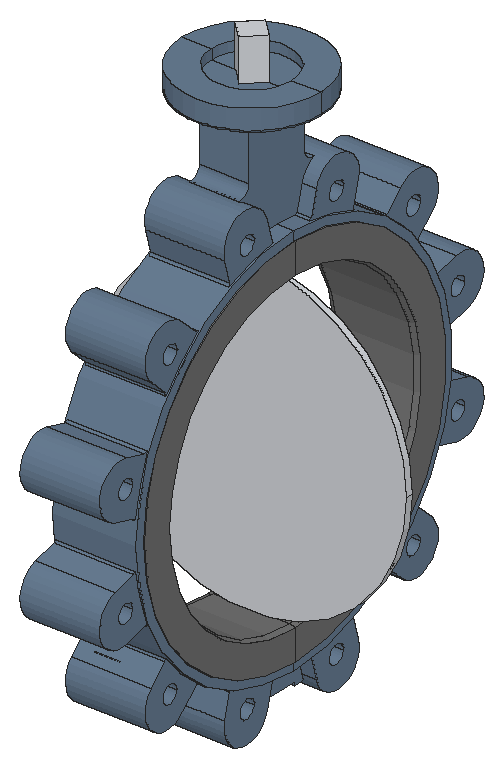
Revit family "Absperr- und Regulierklappe AF-4219", category Rohrzubehör, Revit 2020 (continued)
Lines and regions (mm)
  model lines, detail levels coarse+medium
    curve 5: line (-39, 183, 0) -> (39, -183, 0)
    curve 6: circle (0, 0, 0) r 5 normal (0, 0, 1)
    curve 7: line (-39, 0, 183) -> (-39, 0, -183)
    curve 8: line (-39, 0, -183) -> (39, 0, -183)
    curve 9: line (39, 0, -183) -> (39, 0, 183)
    curve 10: line (39, 0, 183) -> (-39, 0, 183)
    curve 11: line (39, 0, -183) -> (-39, 0, 183)
    curve 12: circle (0, 0, 0) r 5 normal (0, -1, 0)
Dimensions and locks
  "H01": Revolve 2 sketch curve to plane 2
  "H02": Revolve 2 sketch curve to Revolve 2 sketch curve
  "R01": Revolve 2 sketch curve to Revolve 2 sketch curve
  "D01": plane 2 to Revolve 1 sketch curve
  "D02": plane 2 to Revolve 1 sketch curve
  "D03": plane 2 to Revolve 1 sketch curve
  "L01": Revolve 1 sketch curve to plane 3 "Mitte (Links/rechts)"
  "L02": plane 3 "Mitte (Links/rechts)" to Revolve 1 sketch curve  (x2)
  "D05": Revolve 6 sketch curve to plane 2
  "D04": Revolve 6 sketch curve to plane 2  (x2)
  "D02": Revolve 6 sketch curve to plane 2  (x2)
  "L03": plane 3 "Mitte (Links/rechts)" to Revolve 6 sketch curve
  "L02": Revolve 6 sketch curve to plane 3 "Mitte (Links/rechts)"
  "L03": Revolve 6 sketch curve to plane 3 "Mitte (Links/rechts)"
  "L01": plane 3 "Mitte (Links/rechts)" to Revolve 1 sketch curve
  "D02": Revolve 1 sketch curve to plane 2
  "L02": plane 3 "Mitte (Links/rechts)" to Revolve 6 sketch curve
  "D03": plane 2 to Revolve 6 sketch curve
  "L04": Revolve 6 sketch curve to plane 3 "Mitte (Links/rechts)" to Revolve 6 sketch curve
  "L01": curve 2 to plane 3 "Mitte (Links/rechts)" to curve 4
  equal spacing: curve 3, curve 6, curve 1
  equal spacing: curve 2, curve 6, curve 4
  "D01": curve 1 to plane 1 "Mitte (Vorne/hinten)" to curve 3
  "L01": curve 7 to curve 12 to curve 9
  "D01": curve 10 to curve 12 to curve 8
  "H03": Revolve 2 sketch curve to Revolve 2 sketch curve
  "R02": Revolve 2 sketch curve to Revolve 2 sketch curve
  equal spacing: Extrusion 24 sketch curve, curve 11, Extrusion 24 sketch curve  (x2)
  "L05": Extrusion 24 sketch curve to Extrusion 24 sketch curve  (x2)
  "H04": Extrusion 24 to plane 2
  "H05": Extrusion 24 to Revolve 2
  "R99": radius of Revolve 2 sketch curve
  "D06": radius of Extrusion 7 sketch curve
  radius of curve 6 = 5.000 mm
  radius of curve 12 = 5.000 mm
  aligned and locked: level to plane 2
Automatic sketch dimensions
  Extrusion 3 sketch curve to Extrusion 3 sketch curve = 0.000 mm  (x20)
  Extrusion 3 sketch curve to level = 0.000 mm
  Extrusion 3 sketch curve to plane 1 "Mitte (Vorne/hinten)" = 0.000 mm
  plane 1 "Mitte (Vorne/hinten)" to Extrusion 3 sketch curve = 18.495 mm  (x2)
  Extrusion 3 sketch curve to Extrusion 3 sketch curve = 1.414 mm  (x16)
  Extrusion 3 sketch curve to Extrusion 3 sketch curve = 12.265 mm  (x8)
  Extrusion 3 sketch curve to level = 19.909 mm  (x2)
  Extrusion 3 sketch curve to Extrusion 3 sketch curve = 24.042 mm  (x8)
  level to Extrusion 3 sketch curve = 19.909 mm  (x2)
  Extrusion 3 sketch curve to Extrusion 3 sketch curve = 12.021 mm  (x12)
  Extrusion 3 sketch curve to plane 1 "Mitte (Vorne/hinten)" = 18.495 mm  (x2)
  Extrusion 3 sketch curve to Extrusion 3 sketch curve = 0.934 mm  (x4)
  Extrusion 4 sketch curve to level = 0.000 mm
  Extrusion 4 sketch curve to plane 1 "Mitte (Vorne/hinten)" = 0.000 mm
  plane 1 "Mitte (Vorne/hinten)" to Extrusion 4 sketch curve = 18.495 mm
  Extrusion 4 sketch curve to Extrusion 4 sketch curve = 1.414 mm  (x4)
  plane 1 "Mitte (Vorne/hinten)" to Extrusion 4 sketch curve = 20.000 mm
  Extrusion 4 sketch curve to Extrusion 4 sketch curve = 12.265 mm  (x2)
  Extrusion 4 sketch curve to Extrusion 4 sketch curve = 15.000 mm  (x2)
  Extrusion 4 sketch curve to Extrusion 4 sketch curve = 12.021 mm  (x4)
  Extrusion 4 sketch curve to plane 1 "Mitte (Vorne/hinten)" = 18.495 mm
  Extrusion 4 sketch curve to plane 1 "Mitte (Vorne/hinten)" = 20.000 mm
  level to Extrusion 4 sketch curve = 43.950 mm
  Extrusion 4 sketch curve to Extrusion 4 sketch curve = 0.000 mm
  Extrusion 4 sketch curve to Extrusion 4 sketch curve = 0.244 mm  (x2)
  Extrusion 4 sketch curve to Extrusion 4 sketch curve = 18.630 mm  (x2)
  Extrusion 4 sketch curve to Extrusion 4 sketch curve = 0.934 mm
  Extrusion 5 sketch curve to level = 0.000 mm
  Extrusion 5 sketch curve to plane 1 "Mitte (Vorne/hinten)" = 0.000 mm
  plane 1 "Mitte (Vorne/hinten)" to Extrusion 5 sketch curve = 15.000 mm
  Extrusion 5 sketch curve to Extrusion 5 sketch curve = 1.963 mm  (x2)
  Extrusion 5 sketch curve to Extrusion 5 sketch curve = 1.531 mm  (x2)
  Extrusion 5 sketch curve to Extrusion 5 sketch curve = 1.414 mm  (x4)
  Extrusion 5 sketch curve to Extrusion 5 sketch curve = 15.210 mm  (x2)
  Extrusion 5 sketch curve to Extrusion 5 sketch curve = 1.660 mm  (x2)
  Extrusion 5 sketch curve to Extrusion 5 sketch curve = 12.021 mm  (x3)
  Extrusion 5 sketch curve to plane 1 "Mitte (Vorne/hinten)" = 15.000 mm
  Extrusion 5 sketch curve to Extrusion 5 sketch curve = 1.037 mm  (x2)
  Extrusion 5 sketch curve to Extrusion 5 sketch curve = 1.400 mm  (x2)
  Extrusion 5 sketch curve to Extrusion 5 sketch curve = 1.785 mm  (x2)
  Extrusion 5 sketch curve to Extrusion 5 sketch curve = 12.635 mm  (x2)
  Extrusion 5 sketch curve to Extrusion 5 sketch curve = 0.934 mm
  Extrusion 5 sketch curve to Extrusion 5 sketch curve = 0.788 mm  (x2)
  Extrusion 5 sketch curve to Extrusion 5 sketch curve = 0.000 mm  (x2)
  Extrusion 4 sketch curve to Extrusion 4 sketch curve = 37.155 mm
  Extrusion 5 sketch curve to level = 43.950 mm
  Extrusion 8 sketch curve to Extrusion 8 sketch curve = 0.000 mm  (x12)
  Extrusion 8 sketch curve to level = 39.244 mm  (x2)
  plane 1 "Mitte (Vorne/hinten)" to Extrusion 8 sketch curve = 63.286 mm
  level to Extrusion 8 sketch curve = 39.244 mm  (x2)
  Extrusion 8 sketch curve to Extrusion 8 sketch curve = 9.190 mm  (x2)
  level to Extrusion 8 sketch curve = 28.614 mm  (x2)
  Extrusion 8 sketch curve to Extrusion 8 sketch curve = 1.441 mm  (x8)
  Extrusion 8 sketch curve to level = 28.614 mm  (x2)
  Extrusion 8 sketch curve to Extrusion 8 sketch curve = 12.021 mm  (x6)
  level to Extrusion 8 sketch curve = 63.286 mm  (x2)
  Extrusion 8 sketch curve to level = 63.286 mm  (x2)
  level to Extrusion 8 sketch curve = 52.636 mm  (x2)
  Extrusion 8 sketch curve to Extrusion 8 sketch curve = 10.650 mm  (x4)
  Extrusion 8 sketch curve to level = 52.636 mm  (x2)
  Extrusion 8 sketch curve to Extrusion 8 sketch curve = 1.414 mm  (x8)
  level to Extrusion 8 sketch curve = 0.001 mm  (x2)
  Extrusion 8 sketch curve to Extrusion 8 sketch curve = 28.594 mm
  Extrusion 8 sketch curve to level = 0.001 mm  (x2)
  Extrusion 8 sketch curve to Extrusion 8 sketch curve = 0.001 mm  (x2)
  Extrusion 8 sketch curve to Extrusion 8 sketch curve = 54.361 mm  (x2)
  Extrusion 8 sketch curve to Extrusion 8 sketch curve = 1.390 mm  (x2)
  Extrusion 8 sketch curve to Extrusion 8 sketch curve = 10.630 mm  (x2)
  Extrusion 8 sketch curve to Extrusion 8 sketch curve = 1.832 mm  (x2)
  Extrusion 9 sketch curve to Extrusion 9 sketch curve = 0.000 mm  (x5)
  Extrusion 9 sketch curve to level = 0.000 mm
  Extrusion 9 sketch curve to level = 51.265 mm
  plane 1 "Mitte (Vorne/hinten)" to Extrusion 9 sketch curve = 51.265 mm
  level to Extrusion 9 sketch curve = 51.265 mm
  Extrusion 9 sketch curve to Extrusion 9 sketch curve = 9.247 mm  (x3)
  Extrusion 9 sketch curve to level = 63.286 mm  (x2)
  Extrusion 9 sketch curve to Extrusion 9 sketch curve = 2.774 mm  (x4)
  level to Extrusion 9 sketch curve = 63.286 mm  (x2)
  Extrusion 9 sketch curve to Extrusion 9 sketch curve = 2.244 mm  (x2)
  Extrusion 9 sketch curve to Extrusion 9 sketch curve = 0.183 mm  (x2)
  level to Extrusion 9 sketch curve = 52.636 mm  (x2)
  Extrusion 9 sketch curve to Extrusion 9 sketch curve = 10.650 mm  (x3)
  Extrusion 9 sketch curve to level = 52.636 mm  (x2)
  Extrusion 9 sketch curve to Extrusion 9 sketch curve = 1.414 mm  (x8)
  Extrusion 9 sketch curve to Extrusion 9 sketch curve = 14.817 mm  (x2)
  Extrusion 9 sketch curve to Extrusion 9 sketch curve = 7.210 mm
  Extrusion 9 sketch curve to Extrusion 9 sketch curve = 1.971 mm
  Extrusion 9 sketch curve to Extrusion 9 sketch curve = 28.595 mm
  Extrusion 9 sketch curve to Extrusion 9 sketch curve = 36.000 mm
  Extrusion 9 sketch curve to Extrusion 9 sketch curve = 1.997 mm
  Extrusion 9 sketch curve to Extrusion 9 sketch curve = 44.000 mm
  Extrusion 9 sketch curve to Extrusion 9 sketch curve = 5.181 mm
  Extrusion 9 sketch curve to Extrusion 9 sketch curve = 7.184 mm
  Extrusion 9 sketch curve to Extrusion 9 sketch curve = 12.021 mm  (x2)
  Extrusion 9 sketch curve to Extrusion 9 sketch curve = 14.891 mm
  Extrusion 9 sketch curve to Extrusion 9 sketch curve = 6.473 mm
  Extrusion 9 sketch curve to Extrusion 9 sketch curve = 12.756 mm  (x2)
  Extrusion 9 sketch curve to Extrusion 9 sketch curve = 55.987 mm
  Extrusion 10 sketch curve to Extrusion 10 sketch curve = 0.000 mm  (x48)
  level to Extrusion 10 sketch curve = 14.909 mm  (x2)
  plane 1 "Mitte (Vorne/hinten)" to Extrusion 10 sketch curve = 80.416 mm
  Extrusion 10 sketch curve to level = 14.909 mm  (x2)
  Extrusion 10 sketch curve to Extrusion 10 sketch curve = 6.506 mm  (x6)
  Extrusion 10 sketch curve to level = 46.321 mm  (x2)
  level to Extrusion 10 sketch curve = 46.321 mm  (x2)
  Extrusion 10 sketch curve to level = 7.243 mm
  Extrusion 10 sketch curve to Extrusion 10 sketch curve = 13.321 mm
  level to Extrusion 10 sketch curve = 7.243 mm
  Extrusion 10 sketch curve to level = 9.076 mm  (x2)
  Extrusion 10 sketch curve to Extrusion 10 sketch curve = 0.759 mm  (x8)
  level to Extrusion 10 sketch curve = 9.076 mm  (x2)
  level to Extrusion 10 sketch curve = 40.487 mm  (x2)
  Extrusion 10 sketch curve to Extrusion 10 sketch curve = 14.082 mm  (x4)
  Extrusion 10 sketch curve to level = 40.487 mm  (x2)
  Extrusion 10 sketch curve to Extrusion 10 sketch curve = 0.758 mm  (x8)
  level to Extrusion 10 sketch curve = 67.405 mm  (x2)
  Extrusion 10 sketch curve to Extrusion 10 sketch curve = 6.243 mm  (x2)
  Extrusion 10 sketch curve to level = 67.405 mm  (x2)
  Extrusion 10 sketch curve to Extrusion 10 sketch curve = 10.245 mm  (x4)
  level to Extrusion 10 sketch curve = 53.322 mm  (x2)
  Extrusion 10 sketch curve to Extrusion 10 sketch curve = 1.831 mm  (x8)
  Extrusion 10 sketch curve to level = 53.322 mm  (x2)
  Extrusion 10 sketch curve to Extrusion 10 sketch curve = 15.706 mm  (x6)
  level to Extrusion 10 sketch curve = 80.416 mm  (x2)
  Extrusion 10 sketch curve to level = 80.416 mm  (x2)
  Extrusion 10 sketch curve to level = 66.335 mm  (x2)
  Extrusion 10 sketch curve to Extrusion 10 sketch curve = 5.832 mm  (x4)
  level to Extrusion 10 sketch curve = 66.335 mm  (x2)
  Extrusion 10 sketch curve to Extrusion 10 sketch curve = 1.833 mm  (x6)
  level to Extrusion 10 sketch curve = 0.000 mm
  Extrusion 10 sketch curve to Extrusion 10 sketch curve = 14.486 mm  (x2)
  Extrusion 10 sketch curve to Extrusion 10 sketch curve = 9.873 mm  (x2)
  Extrusion 10 sketch curve to Extrusion 10 sketch curve = 5.833 mm  (x2)
  Extrusion 10 sketch curve to Extrusion 10 sketch curve = 13.013 mm
  Extrusion 10 sketch curve to Extrusion 10 sketch curve = 14.081 mm  (x2)
  Extrusion 10 sketch curve to Extrusion 10 sketch curve = 1.973 mm  (x4)
  Extrusion 10 sketch curve to Extrusion 10 sketch curve = 1.544 mm  (x4)
  Extrusion 10 sketch curve to Extrusion 10 sketch curve = 1.243 mm  (x3)
  Extrusion 10 sketch curve to Extrusion 10 sketch curve = 0.211 mm  (x2)
  Extrusion 10 sketch curve to Extrusion 10 sketch curve = 0.002 mm  (x5)
  Extrusion 10 sketch curve to Extrusion 10 sketch curve = 0.213 mm  (x2)
  Extrusion 10 sketch curve to Extrusion 10 sketch curve = 41.076 mm
  Extrusion 10 sketch curve to level = 0.000 mm
  level to Extrusion 11 sketch curve = 100.814 mm
  plane 1 "Mitte (Vorne/hinten)" to Extrusion 11 sketch curve = 32.000 mm
  Extrusion 11 sketch curve to Extrusion 11 sketch curve = 1.385 mm
  Extrusion 11 sketch curve to Extrusion 11 sketch curve = 10.000 mm  (x2)
  Extrusion 11 sketch curve to level = 80.416 mm
  Extrusion 11 sketch curve to Extrusion 11 sketch curve = 15.706 mm  (x3)
  level to Extrusion 11 sketch curve = 80.416 mm  (x2)
  Extrusion 11 sketch curve to Extrusion 11 sketch curve = 1.409 mm
  Extrusion 11 sketch curve to level = 66.335 mm  (x2)
  Extrusion 11 sketch curve to Extrusion 11 sketch curve = 5.832 mm  (x3)
  level to Extrusion 11 sketch curve = 66.335 mm  (x2)
  Extrusion 11 sketch curve to Extrusion 11 sketch curve = 1.833 mm  (x4)
  level to Extrusion 11 sketch curve = 0.554 mm
  Extrusion 11 sketch curve to Extrusion 11 sketch curve = 9.076 mm
  Extrusion 11 sketch curve to level = 0.554 mm
  Extrusion 11 sketch curve to Extrusion 11 sketch curve = 0.000 mm  (x3)
  Extrusion 11 sketch curve to Extrusion 11 sketch curve = 14.486 mm  (x2)
  Extrusion 11 sketch curve to Extrusion 11 sketch curve = 44.000 mm
  Extrusion 11 sketch curve to Extrusion 11 sketch curve = 0.759 mm  (x4)
  Extrusion 11 sketch curve to Extrusion 11 sketch curve = 6.506 mm
  Extrusion 11 sketch curve to Extrusion 11 sketch curve = 42.686 mm
  Extrusion 11 sketch curve to level = 80.371 mm
  Extrusion 11 sketch curve to Extrusion 11 sketch curve = 1.390 mm
  Extrusion 11 sketch curve to Extrusion 11 sketch curve = 27.000 mm
  Extrusion 12 sketch curve to Extrusion 12 sketch curve = 0.000 mm  (x40)
  Extrusion 12 sketch curve to level = 0.000 mm
  level to Extrusion 12 sketch curve = 18.736 mm  (x2)
  plane 1 "Mitte (Vorne/hinten)" to Extrusion 12 sketch curve = 89.655 mm
  Extrusion 12 sketch curve to level = 18.736 mm  (x2)
  Extrusion 12 sketch curve to Extrusion 12 sketch curve = 6.506 mm  (x6)
  Extrusion 12 sketch curve to level = 50.147 mm  (x2)
  level to Extrusion 12 sketch curve = 50.147 mm  (x2)
  Extrusion 12 sketch curve to Extrusion 12 sketch curve = 13.415 mm  (x2)
  Extrusion 12 sketch curve to level = 12.858 mm  (x2)
  Extrusion 12 sketch curve to Extrusion 12 sketch curve = 0.776 mm  (x8)
  level to Extrusion 12 sketch curve = 12.858 mm  (x2)
  Extrusion 12 sketch curve to level = 44.269 mm  (x2)
  Extrusion 12 sketch curve to Extrusion 12 sketch curve = 14.192 mm  (x4)
  level to Extrusion 12 sketch curve = 44.269 mm  (x2)
  Extrusion 12 sketch curve to Extrusion 12 sketch curve = 0.775 mm  (x8)
  level to Extrusion 12 sketch curve = 76.644 mm  (x2)
  Extrusion 12 sketch curve to Extrusion 12 sketch curve = 11.529 mm  (x2)
  Extrusion 12 sketch curve to level = 76.644 mm  (x2)
  Extrusion 12 sketch curve to Extrusion 12 sketch curve = 4.008 mm  (x2)
  level to Extrusion 12 sketch curve = 62.451 mm  (x2)
  Extrusion 12 sketch curve to Extrusion 12 sketch curve = 1.871 mm  (x8)
  Extrusion 12 sketch curve to level = 62.451 mm  (x2)
  Extrusion 12 sketch curve to Extrusion 12 sketch curve = 15.706 mm  (x6)
  level to Extrusion 12 sketch curve = 89.655 mm  (x2)
  Extrusion 12 sketch curve to level = 89.655 mm  (x2)
  Extrusion 12 sketch curve to level = 75.464 mm  (x2)
  Extrusion 12 sketch curve to Extrusion 12 sketch curve = 5.878 mm  (x4)
  level to Extrusion 12 sketch curve = 75.464 mm  (x2)
  Extrusion 12 sketch curve to Extrusion 12 sketch curve = 1.873 mm  (x8)
  Extrusion 12 sketch curve to Extrusion 12 sketch curve = 21.969 mm  (x2)
  Extrusion 12 sketch curve to Extrusion 12 sketch curve = 9.827 mm  (x2)
  Extrusion 12 sketch curve to Extrusion 12 sketch curve = 5.879 mm  (x2)
  Extrusion 12 sketch curve to Extrusion 12 sketch curve = 15.537 mm  (x2)
  Extrusion 12 sketch curve to Extrusion 12 sketch curve = 13.013 mm
  Extrusion 12 sketch curve to Extrusion 12 sketch curve = 14.190 mm  (x2)
  Extrusion 12 sketch curve to Extrusion 12 sketch curve = 44.269 mm
  Extrusion 13 sketch curve to Extrusion 13 sketch curve = 0.000 mm  (x5)
  Extrusion 13 sketch curve to level = 0.000 mm
  level to Extrusion 13 sketch curve = 114.470 mm
  plane 1 "Mitte (Vorne/hinten)" to Extrusion 13 sketch curve = 41.000 mm
  Extrusion 13 sketch curve to level = 83.149 mm
  Extrusion 13 sketch curve to Extrusion 13 sketch curve = 6.558 mm  (x2)
  Extrusion 13 sketch curve to Extrusion 13 sketch curve = 15.000 mm  (x2)
  level to Extrusion 13 sketch curve = 89.655 mm  (x2)
  Extrusion 13 sketch curve to Extrusion 13 sketch curve = 15.706 mm  (x2)
  Extrusion 13 sketch curve to Extrusion 13 sketch curve = 5.236 mm  (x2)
  level to Extrusion 13 sketch curve = 75.464 mm  (x2)
  Extrusion 13 sketch curve to Extrusion 13 sketch curve = 5.878 mm  (x3)
  Extrusion 13 sketch curve to level = 75.464 mm  (x2)
  Extrusion 13 sketch curve to Extrusion 13 sketch curve = 1.873 mm  (x4)
  Extrusion 13 sketch curve to Extrusion 13 sketch curve = 12.858 mm
  Extrusion 13 sketch curve to Extrusion 13 sketch curve = 21.969 mm
  Extrusion 13 sketch curve to Extrusion 13 sketch curve = 3.345 mm
  Extrusion 13 sketch curve to Extrusion 13 sketch curve = 3.000 mm  (x2)
  Extrusion 13 sketch curve to Extrusion 13 sketch curve = 6.506 mm  (x3)
  Extrusion 13 sketch curve to Extrusion 13 sketch curve = 0.776 mm  (x4)
  Extrusion 13 sketch curve to Extrusion 13 sketch curve = 31.321 mm
  Extrusion 13 sketch curve to Extrusion 13 sketch curve = 52.530 mm
  Extrusion 13 sketch curve to Extrusion 13 sketch curve = 11.129 mm  (x2)
  Extrusion 13 sketch curve to Extrusion 13 sketch curve = 9.812 mm  (x2)
  Extrusion 13 sketch curve to Extrusion 13 sketch curve = 3.078 mm
  Extrusion 13 sketch curve to Extrusion 13 sketch curve = 21.680 mm
  Extrusion 13 sketch curve to Extrusion 13 sketch curve = 2.515 mm
  Extrusion 13 sketch curve to Extrusion 13 sketch curve = 52.000 mm
  Extrusion 14 sketch curve to Extrusion 14 sketch curve = 0.000 mm  (x22)
  Extrusion 14 sketch curve to level = 24.476 mm  (x2)
  plane 1 "Mitte (Vorne/hinten)" to Extrusion 14 sketch curve = 103.513 mm
  level to Extrusion 14 sketch curve = 24.476 mm  (x2)
  Extrusion 14 sketch curve to Extrusion 14 sketch curve = 6.506 mm  (x6)
  Extrusion 14 sketch curve to Extrusion 14 sketch curve = 11.623 mm  (x2)
  Extrusion 14 sketch curve to level = 19.351 mm  (x2)
  Extrusion 14 sketch curve to Extrusion 14 sketch curve = 0.749 mm  (x8)
  level to Extrusion 14 sketch curve = 19.351 mm  (x2)
  Extrusion 14 sketch curve to level = 55.888 mm  (x2)
  level to Extrusion 14 sketch curve = 55.888 mm  (x2)
  Extrusion 14 sketch curve to level = 50.783 mm  (x2)
  Extrusion 14 sketch curve to Extrusion 14 sketch curve = 12.323 mm  (x4)
  level to Extrusion 14 sketch curve = 50.783 mm  (x2)
  Extrusion 14 sketch curve to Extrusion 14 sketch curve = 0.774 mm  (x8)
  level to Extrusion 14 sketch curve = 90.502 mm  (x2)
  Extrusion 14 sketch curve to Extrusion 14 sketch curve = 21.517 mm  (x2)
  Extrusion 14 sketch curve to level = 90.502 mm  (x2)
  Extrusion 14 sketch curve to Extrusion 14 sketch curve = 3.235 mm  (x2)
  Extrusion 14 sketch curve to level = 78.179 mm  (x2)
  Extrusion 14 sketch curve to Extrusion 14 sketch curve = 1.869 mm  (x8)
  level to Extrusion 14 sketch curve = 78.179 mm  (x2)
  Extrusion 14 sketch curve to Extrusion 14 sketch curve = 15.706 mm  (x6)
  level to Extrusion 14 sketch curve = 103.513 mm  (x2)
  Extrusion 14 sketch curve to level = 103.513 mm  (x2)
  level to Extrusion 14 sketch curve = 91.141 mm  (x2)
  Extrusion 14 sketch curve to Extrusion 14 sketch curve = 5.125 mm  (x4)
  Extrusion 14 sketch curve to level = 91.141 mm  (x2)
  Extrusion 14 sketch curve to Extrusion 14 sketch curve = 1.809 mm  (x8)
  Extrusion 14 sketch curve to level = 0.103 mm  (x2)
  Extrusion 14 sketch curve to Extrusion 14 sketch curve = 90.896 mm
  level to Extrusion 14 sketch curve = 0.103 mm  (x2)
  Extrusion 14 sketch curve to Extrusion 14 sketch curve = 0.142 mm  (x7)
  Extrusion 14 sketch curve to Extrusion 14 sketch curve = 0.207 mm  (x2)
  Extrusion 14 sketch curve to Extrusion 14 sketch curve = 35.084 mm  (x2)
  Extrusion 14 sketch curve to Extrusion 14 sketch curve = 10.601 mm  (x2)
  Extrusion 14 sketch curve to Extrusion 14 sketch curve = 5.104 mm  (x2)
  Extrusion 14 sketch curve to Extrusion 14 sketch curve = 24.752 mm  (x2)
  Extrusion 14 sketch curve to Extrusion 14 sketch curve = 12.962 mm  (x2)
  Extrusion 14 sketch curve to Extrusion 14 sketch curve = 12.372 mm  (x2)
  Extrusion 14 sketch curve to level = 0.245 mm
  Extrusion 14 sketch curve to Extrusion 14 sketch curve = 1.933 mm  (x2)
  Extrusion 14 sketch curve to Extrusion 14 sketch curve = 0.314 mm  (x2)
  level to Extrusion 15 sketch curve = 97.007 mm
  plane 1 "Mitte (Vorne/hinten)" to Extrusion 15 sketch curve = 40.182 mm
  Extrusion 15 sketch curve to level = 97.007 mm
  Extrusion 15 sketch curve to Extrusion 15 sketch curve = 0.000 mm  (x7)
  Extrusion 15 sketch curve to Extrusion 15 sketch curve = 4.132 mm
  Extrusion 15 sketch curve to Extrusion 15 sketch curve = 10.048 mm  (x2)
  Extrusion 15 sketch curve to Extrusion 15 sketch curve = 15.706 mm  (x3)
  level to Extrusion 15 sketch curve = 103.513 mm  (x2)
  level to Extrusion 15 sketch curve = 91.141 mm  (x2)
  Extrusion 15 sketch curve to Extrusion 15 sketch curve = 5.125 mm  (x3)
  Extrusion 15 sketch curve to level = 91.141 mm  (x2)
  Extrusion 15 sketch curve to Extrusion 15 sketch curve = 1.809 mm  (x4)
  Extrusion 15 sketch curve to Extrusion 15 sketch curve = 10.974 mm  (x2)
  Extrusion 15 sketch curve to level = 0.111 mm
  Extrusion 15 sketch curve to Extrusion 15 sketch curve = 19.350 mm
  level to Extrusion 15 sketch curve = 0.111 mm
  Extrusion 15 sketch curve to Extrusion 15 sketch curve = 35.081 mm
  Extrusion 15 sketch curve to Extrusion 15 sketch curve = 4.041 mm
  Extrusion 15 sketch curve to level = 103.513 mm
  Extrusion 15 sketch curve to Extrusion 15 sketch curve = 9.998 mm  (x2)
  Extrusion 15 sketch curve to Extrusion 15 sketch curve = 3.000 mm
  Extrusion 15 sketch curve to Extrusion 15 sketch curve = 6.505 mm  (x2)
  Extrusion 15 sketch curve to Extrusion 15 sketch curve = 0.749 mm  (x4)
  Extrusion 15 sketch curve to Extrusion 15 sketch curve = 20.176 mm  (x2)
  Extrusion 15 sketch curve to Extrusion 15 sketch curve = 62.311 mm
  Extrusion 15 sketch curve to Extrusion 15 sketch curve = 0.048 mm
  Extrusion 15 sketch curve to Extrusion 15 sketch curve = 11.626 mm  (x2)
  Extrusion 15 sketch curve to Extrusion 15 sketch curve = 27.000 mm
  Extrusion 15 sketch curve to Extrusion 15 sketch curve = 52.000 mm
  Extrusion 16 sketch curve to Extrusion 16 sketch curve = 0.000 mm  (x23)
  Extrusion 16 sketch curve to level = 26.521 mm  (x2)
  plane 1 "Mitte (Vorne/hinten)" to Extrusion 16 sketch curve = 118.902 mm
  level to Extrusion 16 sketch curve = 26.521 mm  (x2)
  Extrusion 16 sketch curve to Extrusion 16 sketch curve = 8.036 mm  (x6)
  Extrusion 16 sketch curve to Extrusion 16 sketch curve = 15.875 mm  (x2)
  level to Extrusion 16 sketch curve = 65.323 mm  (x2)
  Extrusion 16 sketch curve to level = 65.323 mm  (x2)
  level to Extrusion 16 sketch curve = 19.621 mm  (x2)
  Extrusion 16 sketch curve to Extrusion 16 sketch curve = 0.782 mm  (x8)
  Extrusion 16 sketch curve to level = 19.621 mm  (x2)
  Extrusion 16 sketch curve to level = 58.409 mm  (x2)
  Extrusion 16 sketch curve to Extrusion 16 sketch curve = 16.693 mm  (x4)
  level to Extrusion 16 sketch curve = 58.409 mm  (x2)
  Extrusion 16 sketch curve to Extrusion 16 sketch curve = 0.763 mm  (x8)
  Extrusion 16 sketch curve to level = 102.829 mm  (x2)
  Extrusion 16 sketch curve to Extrusion 16 sketch curve = 20.050 mm  (x2)
  level to Extrusion 16 sketch curve = 102.829 mm  (x2)
  Extrusion 16 sketch curve to Extrusion 16 sketch curve = 5.074 mm  (x2)
  level to Extrusion 16 sketch curve = 86.136 mm  (x2)
  Extrusion 16 sketch curve to Extrusion 16 sketch curve = 1.841 mm  (x8)
  Extrusion 16 sketch curve to level = 86.136 mm  (x2)
  Extrusion 16 sketch curve to Extrusion 16 sketch curve = 19.401 mm  (x6)
  level to Extrusion 16 sketch curve = 118.902 mm  (x2)
  Extrusion 16 sketch curve to level = 118.902 mm  (x2)
  level to Extrusion 16 sketch curve = 102.246 mm  (x2)
  Extrusion 16 sketch curve to Extrusion 16 sketch curve = 6.899 mm  (x4)
  Extrusion 16 sketch curve to level = 102.246 mm  (x2)
  Extrusion 16 sketch curve to Extrusion 16 sketch curve = 1.887 mm  (x8)
  level to Extrusion 16 sketch curve = 0.002 mm  (x2)
  Extrusion 16 sketch curve to Extrusion 16 sketch curve = 86.133 mm
  Extrusion 16 sketch curve to level = 0.002 mm
  Extrusion 16 sketch curve to Extrusion 16 sketch curve = 0.001 mm  (x8)
  Extrusion 16 sketch curve to Extrusion 16 sketch curve = 35.469 mm  (x2)
  Extrusion 16 sketch curve to Extrusion 16 sketch curve = 12.487 mm  (x2)
  Extrusion 16 sketch curve to Extrusion 16 sketch curve = 6.914 mm  (x2)
  Extrusion 16 sketch curve to Extrusion 16 sketch curve = 25.124 mm  (x2)
  Extrusion 16 sketch curve to Extrusion 16 sketch curve = 16.110 mm
  Extrusion 16 sketch curve to Extrusion 16 sketch curve = 16.656 mm  (x2)
  Extrusion 16 sketch curve to level = 0.003 mm
  Extrusion 16 sketch curve to Extrusion 16 sketch curve = 2.019 mm  (x2)
  Extrusion 16 sketch curve to Extrusion 16 sketch curve = 0.309 mm  (x2)
  Extrusion 16 sketch curve to Extrusion 16 sketch curve = 0.004 mm  (x2)
  Extrusion 17 sketch curve to Extrusion 17 sketch curve = 0.000 mm  (x7)
  Extrusion 17 sketch curve to level = 0.000 mm
  Extrusion 17 sketch curve to plane 1 "Mitte (Vorne/hinten)" = 0.000 mm
  plane 1 "Mitte (Vorne/hinten)" to Extrusion 17 sketch curve = 13.500 mm
  plane 1 "Mitte (Vorne/hinten)" to Extrusion 17 sketch curve = 17.734 mm  (x2)
  Extrusion 17 sketch curve to Extrusion 17 sketch curve = 1.887 mm  (x4)
  plane 1 "Mitte (Vorne/hinten)" to Extrusion 17 sketch curve = 26.000 mm
  Extrusion 17 sketch curve to Extrusion 17 sketch curve = 0.521 mm
  Extrusion 17 sketch curve to Extrusion 17 sketch curve = 13.021 mm  (x2)
  Extrusion 17 sketch curve to Extrusion 17 sketch curve = 4.341 mm  (x2)
  Extrusion 17 sketch curve to Extrusion 17 sketch curve = 10.000 mm  (x2)
  Extrusion 17 sketch curve to Extrusion 17 sketch curve = 19.401 mm  (x4)
  Extrusion 17 sketch curve to plane 1 "Mitte (Vorne/hinten)" = 13.500 mm
  Extrusion 17 sketch curve to plane 1 "Mitte (Vorne/hinten)" = 17.734 mm  (x2)
  Extrusion 17 sketch curve to Extrusion 17 sketch curve = 6.899 mm
  Extrusion 17 sketch curve to level = 102.246 mm
  Extrusion 17 sketch curve to Extrusion 17 sketch curve = 0.782 mm  (x4)
  Extrusion 17 sketch curve to Extrusion 17 sketch curve = 8.620 mm  (x4)
  Extrusion 17 sketch curve to Extrusion 17 sketch curve = 16.656 mm  (x4)
  Extrusion 17 sketch curve to Extrusion 17 sketch curve = 3.000 mm
  level to Extrusion 17 sketch curve = 102.246 mm
  Extrusion 17 sketch curve to Extrusion 17 sketch curve = 16.098 mm  (x2)
  Extrusion 17 sketch curve to Extrusion 17 sketch curve = 64.000 mm
  Extrusion 17 sketch curve to Extrusion 17 sketch curve = 4.938 mm
  Extrusion 18 sketch curve to Extrusion 18 sketch curve = 0.000 mm  (x62)
  Extrusion 18 sketch curve to level = 0.000 mm
  Extrusion 18 sketch curve to level = 17.891 mm  (x2)
  plane 1 "Mitte (Vorne/hinten)" to Extrusion 18 sketch curve = 147.909 mm
  level to Extrusion 18 sketch curve = 17.891 mm  (x2)
  Extrusion 18 sketch curve to Extrusion 18 sketch curve = 5.435 mm  (x6)
  Extrusion 18 sketch curve to level = 58.460 mm  (x2)
  level to Extrusion 18 sketch curve = 58.460 mm  (x2)
  Extrusion 18 sketch curve to Extrusion 18 sketch curve = 15.462 mm  (x2)
  level to Extrusion 18 sketch curve = 13.612 mm  (x2)
  Extrusion 18 sketch curve to Extrusion 18 sketch curve = 0.509 mm  (x8)
  Extrusion 18 sketch curve to level = 13.612 mm  (x2)
  Extrusion 18 sketch curve to level = 54.199 mm  (x2)
  Extrusion 18 sketch curve to Extrusion 18 sketch curve = 15.903 mm  (x4)
  level to Extrusion 18 sketch curve = 54.199 mm  (x2)
  Extrusion 18 sketch curve to Extrusion 18 sketch curve = 0.530 mm  (x8)
  Extrusion 18 sketch curve to level = 89.449 mm  (x2)
  Extrusion 18 sketch curve to Extrusion 18 sketch curve = 1.459 mm  (x2)
  level to Extrusion 18 sketch curve = 89.449 mm  (x2)
  Extrusion 18 sketch curve to Extrusion 18 sketch curve = 10.302 mm  (x2)
  Extrusion 18 sketch curve to level = 77.758 mm  (x2)
  Extrusion 18 sketch curve to Extrusion 18 sketch curve = 1.389 mm  (x8)
  level to Extrusion 18 sketch curve = 77.758 mm  (x2)
  Extrusion 18 sketch curve to Extrusion 18 sketch curve = 14.849 mm  (x6)
  Extrusion 18 sketch curve to level = 119.147 mm  (x2)
  level to Extrusion 18 sketch curve = 119.147 mm  (x2)
  level to Extrusion 18 sketch curve = 107.506 mm  (x2)
  Extrusion 18 sketch curve to Extrusion 18 sketch curve = 11.642 mm  (x4)
  Extrusion 18 sketch curve to level = 107.506 mm  (x2)
  Extrusion 18 sketch curve to Extrusion 18 sketch curve = 1.448 mm  (x8)
  level to Extrusion 18 sketch curve = 137.039 mm  (x2)
  Extrusion 18 sketch curve to Extrusion 18 sketch curve = 17.899 mm  (x2)
  Extrusion 18 sketch curve to level = 137.039 mm  (x2)
  Extrusion 18 sketch curve to Extrusion 18 sketch curve = 2.283 mm  (x2)
  Extrusion 18 sketch curve to level = 121.136 mm  (x2)
  Extrusion 18 sketch curve to Extrusion 18 sketch curve = 1.978 mm  (x8)
  level to Extrusion 18 sketch curve = 121.136 mm  (x2)
  Extrusion 18 sketch curve to Extrusion 18 sketch curve = 20.284 mm  (x6)
  Extrusion 18 sketch curve to level = 147.909 mm  (x2)
  level to Extrusion 18 sketch curve = 147.909 mm  (x2)
  level to Extrusion 18 sketch curve = 131.939 mm  (x2)
  Extrusion 18 sketch curve to Extrusion 18 sketch curve = 4.279 mm  (x4)
  Extrusion 18 sketch curve to level = 131.939 mm  (x2)
  Extrusion 18 sketch curve to Extrusion 18 sketch curve = 1.898 mm  (x8)
  Extrusion 18 sketch curve to Extrusion 18 sketch curve = 13.612 mm
  Extrusion 18 sketch curve to Extrusion 18 sketch curve = 23.429 mm  (x2)
  Extrusion 18 sketch curve to Extrusion 18 sketch curve = 16.023 mm  (x2)
  Extrusion 18 sketch curve to Extrusion 18 sketch curve = 4.261 mm  (x2)
  Extrusion 18 sketch curve to Extrusion 18 sketch curve = 20.183 mm  (x2)
  Extrusion 18 sketch curve to Extrusion 18 sketch curve = 3.158 mm  (x2)
  Extrusion 18 sketch curve to Extrusion 18 sketch curve = 11.691 mm  (x2)
  Extrusion 18 sketch curve to Extrusion 18 sketch curve = 11.760 mm  (x2)
  Extrusion 18 sketch curve to Extrusion 18 sketch curve = 10.803 mm
  Extrusion 18 sketch curve to Extrusion 18 sketch curve = 15.970 mm  (x2)
  Extrusion 19 sketch curve to Extrusion 19 sketch curve = 0.000 mm  (x5)
  Extrusion 19 sketch curve to level = 0.000 mm
  Extrusion 19 sketch curve to level = 142.474 mm
  plane 1 "Mitte (Vorne/hinten)" to Extrusion 19 sketch curve = 38.176 mm
  level to Extrusion 19 sketch curve = 142.474 mm
  Extrusion 19 sketch curve to Extrusion 19 sketch curve = 8.163 mm
  Extrusion 19 sketch curve to Extrusion 19 sketch curve = 2.013 mm  (x2)
  Extrusion 19 sketch curve to level = 147.909 mm
  Extrusion 19 sketch curve to Extrusion 19 sketch curve = 20.284 mm  (x3)
  level to Extrusion 19 sketch curve = 147.909 mm  (x2)
  Extrusion 19 sketch curve to Extrusion 19 sketch curve = 10.109 mm
  Extrusion 19 sketch curve to level = 131.939 mm  (x2)
  Extrusion 19 sketch curve to Extrusion 19 sketch curve = 4.279 mm  (x4)
  level to Extrusion 19 sketch curve = 131.939 mm  (x2)
  Extrusion 19 sketch curve to Extrusion 19 sketch curve = 1.898 mm  (x4)
  Extrusion 19 sketch curve to Extrusion 19 sketch curve = 13.612 mm
  Extrusion 19 sketch curve to Extrusion 19 sketch curve = 23.429 mm  (x2)
  Extrusion 19 sketch curve to Extrusion 19 sketch curve = 56.000 mm
  Extrusion 19 sketch curve to Extrusion 19 sketch curve = 5.435 mm  (x2)
  Extrusion 19 sketch curve to Extrusion 19 sketch curve = 0.509 mm  (x4)
  Extrusion 19 sketch curve to Extrusion 19 sketch curve = 16.081 mm  (x2)
  Extrusion 19 sketch curve to Extrusion 19 sketch curve = 66.010 mm
  Extrusion 19 sketch curve to Extrusion 19 sketch curve = 1.832 mm  (x2)
  Extrusion 19 sketch curve to Extrusion 19 sketch curve = 0.173 mm
  Extrusion 20 sketch curve to level = 22.097 mm  (x2)
  plane 1 "Mitte (Vorne/hinten)" to Extrusion 20 sketch curve = 177.618 mm
  level to Extrusion 20 sketch curve = 22.097 mm  (x2)
  Extrusion 20 sketch curve to Extrusion 20 sketch curve = 0.000 mm  (x17)
  Extrusion 20 sketch curve to Extrusion 20 sketch curve = 6.470 mm  (x4)
  Extrusion 20 sketch curve to Extrusion 20 sketch curve = 2.415 mm  (x8)
  level to Extrusion 20 sketch curve = 70.393 mm  (x2)
  Extrusion 20 sketch curve to level = 70.393 mm  (x2)
  Extrusion 20 sketch curve to Extrusion 20 sketch curve = 18.556 mm  (x2)
  Extrusion 20 sketch curve to level = 16.983 mm  (x2)
  Extrusion 20 sketch curve to Extrusion 20 sketch curve = 0.529 mm  (x16)
  level to Extrusion 20 sketch curve = 16.983 mm  (x2)
  level to Extrusion 20 sketch curve = 65.280 mm  (x2)
  Extrusion 20 sketch curve to Extrusion 20 sketch curve = 19.085 mm  (x6)
  Extrusion 20 sketch curve to level = 65.280 mm  (x2)
  Extrusion 20 sketch curve to level = 107.956 mm  (x2)
  Extrusion 20 sketch curve to Extrusion 20 sketch curve = 2.085 mm  (x2)
  level to Extrusion 20 sketch curve = 107.956 mm  (x2)
  Extrusion 20 sketch curve to Extrusion 20 sketch curve = 12.527 mm  (x2)
  level to Extrusion 20 sketch curve = 93.984 mm  (x2)
  Extrusion 20 sketch curve to Extrusion 20 sketch curve = 1.445 mm  (x16)
  Extrusion 20 sketch curve to level = 93.984 mm  (x2)
  Extrusion 20 sketch curve to Extrusion 20 sketch curve = 17.678 mm  (x4)
  Extrusion 20 sketch curve to Extrusion 20 sketch curve = 1.768 mm  (x8)
  level to Extrusion 20 sketch curve = 143.311 mm  (x2)
  Extrusion 20 sketch curve to level = 143.311 mm  (x2)
  Extrusion 20 sketch curve to level = 129.340 mm  (x2)
  Extrusion 20 sketch curve to Extrusion 20 sketch curve = 13.971 mm  (x6)
  level to Extrusion 20 sketch curve = 129.340 mm  (x2)
  level to Extrusion 20 sketch curve = 164.981 mm  (x2)
  Extrusion 20 sketch curve to Extrusion 20 sketch curve = 22.118 mm  (x2)
  Extrusion 20 sketch curve to level = 164.981 mm  (x2)
  Extrusion 20 sketch curve to Extrusion 20 sketch curve = 3.140 mm  (x2)
  level to Extrusion 20 sketch curve = 145.897 mm  (x2)
  Extrusion 20 sketch curve to Extrusion 20 sketch curve = 1.974 mm  (x8)
  Extrusion 20 sketch curve to level = 145.897 mm  (x2)
  Extrusion 20 sketch curve to Extrusion 20 sketch curve = 24.148 mm  (x4)
  Extrusion 20 sketch curve to Extrusion 20 sketch curve = 0.647 mm  (x8)
  level to Extrusion 20 sketch curve = 177.922 mm  (x2)
  Extrusion 20 sketch curve to level = 177.922 mm  (x2)
  level to Extrusion 20 sketch curve = 158.837 mm  (x2)
  Extrusion 20 sketch curve to Extrusion 20 sketch curve = 5.114 mm  (x6)
  Extrusion 20 sketch curve to level = 158.837 mm  (x2)
  Extrusion 20 sketch curve to Extrusion 20 sketch curve = 1.973 mm  (x8)
  Extrusion 20 sketch curve to level = 0.226 mm  (x2)
  Extrusion 20 sketch curve to Extrusion 20 sketch curve = 158.098 mm
  level to Extrusion 20 sketch curve = 0.226 mm
  level to Extrusion 20 sketch curve = 0.072 mm
  Extrusion 20 sketch curve to Extrusion 20 sketch curve = 0.128 mm  (x3)
  Extrusion 20 sketch curve to level = 0.072 mm
  Extrusion 20 sketch curve to Extrusion 20 sketch curve = 0.061 mm  (x4)
  Extrusion 20 sketch curve to level = 0.036 mm  (x2)
  Extrusion 20 sketch curve to Extrusion 20 sketch curve = 0.324 mm
  Extrusion 20 sketch curve to Extrusion 20 sketch curve = 29.244 mm  (x2)
  Extrusion 20 sketch curve to Extrusion 20 sketch curve = 23.501 mm  (x2)
  Extrusion 20 sketch curve to Extrusion 20 sketch curve = 19.681 mm  (x2)
  Extrusion 20 sketch curve to Extrusion 20 sketch curve = 25.258 mm  (x2)
  Extrusion 20 sketch curve to Extrusion 20 sketch curve = 15.910 mm  (x2)
  Extrusion 20 sketch curve to Extrusion 20 sketch curve = 5.474 mm  (x2)
  Extrusion 20 sketch curve to Extrusion 20 sketch curve = 14.612 mm  (x2)
  Extrusion 20 sketch curve to Extrusion 20 sketch curve = 12.940 mm
  Extrusion 20 sketch curve to Extrusion 20 sketch curve = 4.056 mm  (x2)
  Extrusion 20 sketch curve to Extrusion 20 sketch curve = 0.035 mm  (x2)
  level to Extrusion 20 sketch curve = 0.036 mm  (x2)
  Extrusion 20 sketch curve to Extrusion 20 sketch curve = 0.154 mm
  Extrusion 20 sketch curve to Extrusion 20 sketch curve = 2.037 mm  (x4)
  Extrusion 20 sketch curve to Extrusion 20 sketch curve = 1.856 mm  (x4)
  Extrusion 20 sketch curve to Extrusion 20 sketch curve = 1.841 mm  (x4)
  Extrusion 20 sketch curve to Extrusion 20 sketch curve = 1.179 mm  (x4)
  Extrusion 20 sketch curve to Extrusion 20 sketch curve = 0.856 mm  (x4)
  Extrusion 20 sketch curve to Extrusion 20 sketch curve = 0.153 mm  (x4)
  level to Extrusion 21 sketch curve = 171.452 mm
  plane 1 "Mitte (Vorne/hinten)" to Extrusion 21 sketch curve = 45.940 mm
  Extrusion 21 sketch curve to level = 171.452 mm
  Extrusion 21 sketch curve to Extrusion 21 sketch curve = 0.000 mm  (x2)
  Extrusion 21 sketch curve to Extrusion 21 sketch curve = 6.907 mm
  Extrusion 21 sketch curve to Extrusion 21 sketch curve = 11.901 mm
  Extrusion 21 sketch curve to Extrusion 21 sketch curve = 1.957 mm  (x2)
  Extrusion 21 sketch curve to level = 177.922 mm  (x2)
  Extrusion 21 sketch curve to Extrusion 21 sketch curve = 17.241 mm
  level to Extrusion 21 sketch curve = 177.922 mm  (x2)
  Extrusion 21 sketch curve to Extrusion 21 sketch curve = 10.291 mm  (x2)
  Extrusion 21 sketch curve to Extrusion 21 sketch curve = 0.709 mm  (x2)
  level to Extrusion 21 sketch curve = 158.808 mm  (x2)
  Extrusion 21 sketch curve to Extrusion 21 sketch curve = 5.122 mm  (x3)
  Extrusion 21 sketch curve to level = 158.808 mm  (x2)
  Extrusion 21 sketch curve to Extrusion 21 sketch curve = 1.932 mm  (x4)
  level to Extrusion 21 sketch curve = 0.021 mm
  Extrusion 21 sketch curve to Extrusion 21 sketch curve = 16.588 mm
  Extrusion 21 sketch curve to Extrusion 21 sketch curve = 29.311 mm  (x2)
  Extrusion 21 sketch curve to Extrusion 21 sketch curve = 24.148 mm
  Extrusion 21 sketch curve to Extrusion 21 sketch curve = 17.557 mm
  Extrusion 21 sketch curve to Extrusion 21 sketch curve = 3.000 mm
  Extrusion 21 sketch curve to Extrusion 21 sketch curve = 6.470 mm  (x2)
  Extrusion 21 sketch curve to Extrusion 21 sketch curve = 0.518 mm  (x4)
  Extrusion 21 sketch curve to level = 0.021 mm
  Extrusion 21 sketch curve to Extrusion 21 sketch curve = 17.717 mm  (x2)
  Extrusion 21 sketch curve to Extrusion 21 sketch curve = 67.361 mm
  Extrusion 21 sketch curve to Extrusion 21 sketch curve = 0.120 mm  (x2)
  Extrusion 21 sketch curve to Extrusion 21 sketch curve = 17.951 mm
  Extrusion 21 sketch curve to Extrusion 21 sketch curve = 6.344 mm
  level to Extrusion 22 sketch curve = 28.910 mm  (x2)
  plane 1 "Mitte (Vorne/hinten)" to Extrusion 22 sketch curve = 204.485 mm
  Extrusion 22 sketch curve to level = 28.910 mm  (x2)
  Extrusion 22 sketch curve to Extrusion 22 sketch curve = 0.000 mm  (x9)
  Extrusion 22 sketch curve to Extrusion 22 sketch curve = 6.470 mm  (x4)
  Extrusion 22 sketch curve to Extrusion 22 sketch curve = 4.830 mm  (x8)
  Extrusion 22 sketch curve to level = 77.206 mm  (x2)
  level to Extrusion 22 sketch curve = 77.206 mm  (x2)
  Extrusion 22 sketch curve to Extrusion 22 sketch curve = 20.758 mm  (x2)
  level to Extrusion 22 sketch curve = 23.212 mm  (x2)
  Extrusion 22 sketch curve to Extrusion 22 sketch curve = 0.507 mm  (x8)
  Extrusion 22 sketch curve to level = 23.212 mm  (x2)
  Extrusion 22 sketch curve to level = 71.520 mm  (x2)
  Extrusion 22 sketch curve to Extrusion 22 sketch curve = 21.221 mm  (x4)
  level to Extrusion 22 sketch curve = 71.520 mm  (x2)
  Extrusion 22 sketch curve to Extrusion 22 sketch curve = 0.521 mm  (x8)
  level to Extrusion 22 sketch curve = 127.279 mm  (x2)
  Extrusion 22 sketch curve to Extrusion 22 sketch curve = 7.168 mm  (x2)
  Extrusion 22 sketch curve to level = 127.279 mm  (x2)
  Extrusion 22 sketch curve to Extrusion 22 sketch curve = 14.182 mm  (x2)
  Extrusion 22 sketch curve to level = 111.712 mm  (x2)
  Extrusion 22 sketch curve to Extrusion 22 sketch curve = 1.386 mm  (x8)
  level to Extrusion 22 sketch curve = 111.712 mm  (x2)
  Extrusion 22 sketch curve to Extrusion 22 sketch curve = 17.678 mm  (x4)
  Extrusion 22 sketch curve to Extrusion 22 sketch curve = 3.536 mm  (x8)
  level to Extrusion 22 sketch curve = 162.635 mm  (x2)
  Extrusion 22 sketch curve to level = 162.635 mm  (x2)
  Extrusion 22 sketch curve to level = 147.100 mm  (x2)
  Extrusion 22 sketch curve to Extrusion 22 sketch curve = 15.535 mm  (x4)
  level to Extrusion 22 sketch curve = 147.100 mm  (x2)
  Extrusion 22 sketch curve to Extrusion 22 sketch curve = 1.423 mm  (x8)
  level to Extrusion 22 sketch curve = 191.544 mm  (x2)
  Extrusion 22 sketch curve to Extrusion 22 sketch curve = 33.115 mm  (x2)
  Extrusion 22 sketch curve to level = 191.544 mm  (x2)
  Extrusion 22 sketch curve to Extrusion 22 sketch curve = 3.742 mm  (x2)
  Extrusion 22 sketch curve to level = 170.323 mm  (x2)
  Extrusion 22 sketch curve to Extrusion 22 sketch curve = 1.944 mm  (x8)
  level to Extrusion 22 sketch curve = 170.323 mm  (x2)
  Extrusion 22 sketch curve to Extrusion 22 sketch curve = 24.148 mm  (x4)
  Extrusion 22 sketch curve to Extrusion 22 sketch curve = 1.294 mm  (x8)
  Extrusion 22 sketch curve to level = 204.485 mm  (x2)
  level to Extrusion 22 sketch curve = 204.485 mm  (x2)
  level to Extrusion 22 sketch curve = 183.220 mm  (x2)
  Extrusion 22 sketch curve to Extrusion 22 sketch curve = 5.698 mm  (x4)
  Extrusion 22 sketch curve to level = 183.220 mm  (x2)
  Extrusion 22 sketch curve to Extrusion 22 sketch curve = 1.893 mm  (x8)
  Extrusion 22 sketch curve to level = 0.029 mm
  Extrusion 22 sketch curve to Extrusion 22 sketch curve = 147.001 mm
  level to Extrusion 22 sketch curve = 0.029 mm  (x2)
  Extrusion 22 sketch curve to Extrusion 22 sketch curve = 0.008 mm  (x4)
  Extrusion 22 sketch curve to Extrusion 22 sketch curve = 0.029 mm  (x4)
  Extrusion 22 sketch curve to Extrusion 22 sketch curve = 0.057 mm  (x4)
  Extrusion 22 sketch curve to Extrusion 22 sketch curve = 42.638 mm  (x2)
  Extrusion 22 sketch curve to Extrusion 22 sketch curve = 22.854 mm  (x2)
  Extrusion 22 sketch curve to Extrusion 22 sketch curve = 19.756 mm  (x2)
  Extrusion 22 sketch curve to Extrusion 22 sketch curve = 5.686 mm  (x2)
  Extrusion 22 sketch curve to Extrusion 22 sketch curve = 36.857 mm  (x2)
  Extrusion 22 sketch curve to Extrusion 22 sketch curve = 14.142 mm  (x2)
  Extrusion 22 sketch curve to Extrusion 22 sketch curve = 5.646 mm  (x2)
  Extrusion 22 sketch curve to Extrusion 22 sketch curve = 15.567 mm  (x2)
  Extrusion 22 sketch curve to Extrusion 22 sketch curve = 21.349 mm  (x2)
  Extrusion 22 sketch curve to Extrusion 22 sketch curve = 12.897 mm
  Extrusion 22 sketch curve to Extrusion 22 sketch curve = 1.641 mm  (x2)
  Extrusion 22 sketch curve to Extrusion 22 sketch curve = 21.266 mm  (x2)
  Extrusion 22 sketch curve to level = 0.066 mm
  Extrusion 22 sketch curve to Extrusion 22 sketch curve = 0.037 mm
  Extrusion 22 sketch curve to Extrusion 22 sketch curve = 0.014 mm  (x4)
  Extrusion 22 sketch curve to Extrusion 22 sketch curve = 0.023 mm  (x3)
  Extrusion 22 sketch curve to Extrusion 22 sketch curve = 1.959 mm  (x2)
  Extrusion 22 sketch curve to Extrusion 22 sketch curve = 1.725 mm  (x2)
  Extrusion 23 sketch curve to Extrusion 23 sketch curve = 0.000 mm  (x4)
  Extrusion 23 sketch curve to level = 0.000 mm
  level to Extrusion 23 sketch curve = 198.015 mm
  plane 1 "Mitte (Vorne/hinten)" to Extrusion 23 sketch curve = 53.058 mm
  Extrusion 23 sketch curve to Extrusion 23 sketch curve = 11.058 mm
  Extrusion 23 sketch curve to Extrusion 23 sketch curve = 10.000 mm  (x2)
  Extrusion 23 sketch curve to Extrusion 23 sketch curve = 21.696 mm
  Extrusion 23 sketch curve to level = 204.485 mm
  Extrusion 23 sketch curve to Extrusion 23 sketch curve = 2.452 mm  (x2)
  level to Extrusion 23 sketch curve = 204.485 mm  (x2)
  Extrusion 23 sketch curve to Extrusion 23 sketch curve = 24.148 mm  (x3)
  Extrusion 23 sketch curve to level = 183.220 mm  (x2)
  Extrusion 23 sketch curve to Extrusion 23 sketch curve = 5.698 mm  (x3)
  level to Extrusion 23 sketch curve = 183.220 mm  (x2)
  Extrusion 23 sketch curve to Extrusion 23 sketch curve = 1.893 mm  (x4)
  Extrusion 23 sketch curve to Extrusion 23 sketch curve = 7.910 mm  (x2)
  Extrusion 23 sketch curve to Extrusion 23 sketch curve = 23.212 mm
  Extrusion 23 sketch curve to Extrusion 23 sketch curve = 42.000 mm
  Extrusion 23 sketch curve to Extrusion 23 sketch curve = 42.638 mm
  Extrusion 23 sketch curve to Extrusion 23 sketch curve = 0.319 mm
  Extrusion 23 sketch curve to Extrusion 23 sketch curve = 64.000 mm
  Extrusion 23 sketch curve to Extrusion 23 sketch curve = 2.951 mm
  Extrusion 23 sketch curve to Extrusion 23 sketch curve = 3.000 mm  (x2)
  Extrusion 23 sketch curve to Extrusion 23 sketch curve = 12.421 mm
  Extrusion 23 sketch curve to Extrusion 23 sketch curve = 0.507 mm  (x4)
  Extrusion 23 sketch curve to Extrusion 23 sketch curve = 6.470 mm
  Extrusion 23 sketch curve to Extrusion 23 sketch curve = 26.515 mm  (x2)
  Extrusion 23 sketch curve to Extrusion 23 sketch curve = 57.000 mm
  Extrusion 23 sketch curve to Extrusion 23 sketch curve = 0.014 mm  (x2)
  curve 12 to level = 0.000 mm
  curve 12 to plane 3 "Mitte (Links/rechts)" = 0.000 mm
  Revolve 1 sketch curve to level = 0.000 mm
  Revolve 1 sketch curve to Revolve 1 sketch curve = 1330.490 mm
  Revolve 1 sketch curve to Revolve 1 sketch curve = 1877.483 mm
  Revolve 2 sketch curve to plane 3 "Mitte (Links/rechts)" = 0.000 mm  (x2)
  Revolve 2 sketch curve to Revolve 2 sketch curve = 0.333 mm
  Revolve 2 sketch curve to level = 366.045 mm
  Revolve 2 sketch curve to Revolve 2 sketch curve = 2089.315 mm
  Revolve 6 sketch curve to level = 0.000 mm
  Revolve 6 sketch curve to Revolve 6 sketch curve = 1463.783 mm
  Revolve 6 sketch curve to Revolve 6 sketch curve = 1741.775 mm
  Extrusion 7 sketch curve to level = 0.000 mm
  Extrusion 7 sketch curve to plane 3 "Mitte (Links/rechts)" = 0.000 mm
  Extrusion 24 sketch curve to plane 3 "Mitte (Links/rechts)" = 0.000 mm
  radius of Extrusion 3 sketch curve = 6.920 mm  (x4)
  radius of Extrusion 8 sketch curve = 6.920 mm  (x4)
  radius of Extrusion 10 sketch curve = 6.920 mm  (x8)
  radius of Extrusion 12 sketch curve = 6.920 mm  (x8)
  radius of Extrusion 14 sketch curve = 6.920 mm  (x8)
  radius of Extrusion 16 sketch curve = 8.645 mm  (x8)
  radius of Extrusion 18 sketch curve = 8.645 mm  (x12)
  radius of Extrusion 20 sketch curve = 8.645 mm  (x12)
  radius of Extrusion 22 sketch curve = 8.645 mm  (x12)
Nested families
  nested 1: "Herz-Logo-vorne" at (-15, 0, 92), visible <- "DN50", type "Herz-Logo-vorne", detail levels fine
  nested 2: "Herz-Logo-vorne" at (-18, 0, 116.5), visible <- "DN65", type "Herz-Logo-vorne", detail levels fine
  nested 3: "Herz-Logo-vorne" at (-18.5, 0, 123.5), visible <- "DN80", type "Herz-Logo-vorne", detail levels fine
  nested 4: "Herz-Logo-vorne" at (-18, 0, 147), visible <- "DN100", type "Herz-Logo-vorne", detail levels fine
  nested 5: "Herz-Logo-vorne" at (-18, 0, 166), visible <- "DN125", type "Herz-Logo-vorne", detail levels fine
  nested 6: "Herz-Logo-vorne" at (-18, 0, 179), visible <- "DN150", type "Herz-Logo-vorne", detail levels fine
  nested 7: "Herz-Logo-vorne" at (-20, 0, 210), visible <- "DN200", type "Herz-Logo-vorne", detail levels fine
  nested 8: "Herz-Logo-vorne" at (-23, 0, 243), visible <- "DN250", type "Herz-Logo-vorne", detail levels fine
  nested 9: "Herz-Logo-vorne" at (-23, 0, 268), visible <- "DN300", type "Herz-Logo-vorne", detail levels fine
Connectors
  piping at (-40.5, 0, 0), diameter 300, driven by "Nennweite"
    settings: on Revolve 6, index 1, connector inside diameter 609.6 mm, connector length 0.000 mm, flow factor 0, pipe flow 0.0 L/s, pressure drop 0.0 Pa, fitting loss kfactor 0, connector angle 0.00°, fixture units 0, engagement length 0.000 mm, angle of deflection 0.00°, flow configuration 0, flow direction 0, fitting loss method 0, system type 29, joint type 0, gender type 0, connector reference index -1, connector utility 0, adjustable connector no, is connector primary yes, connector description ""
  piping at (40.5, 0, 0), diameter 300, driven by "Nennweite"
    settings: on Revolve 6, index 2, connector inside diameter 609.6 mm, connector length 0.000 mm, flow factor 0, pipe flow 0.0 L/s, pressure drop 0.0 Pa, fitting loss kfactor 0, connector angle 0.00°, fixture units 0, engagement length 0.000 mm, angle of deflection 0.00°, flow configuration 0, flow direction 0, fitting loss method 0, system type 29, joint type 0, gender type 0, connector reference index -1, connector utility 0, adjustable connector no, is connector primary no, connector description ""
Definition of nested family "Herz-Logo-vorne"
  Parameters (values of type "Herz-Logo-vorne")
    Default Elevation = 0.000 mm
  Reference planes
    plane 1 "Mitte (Vorne/hinten)": y = 0
    plane 2: z = 0
    plane 3 "Mitte (Links/rechts)": x = 0
  Forms (mm)
    Extrusion 1, solid
      sketch origin (0.732, -0.018, 0.017) x (0, -1, 0) y (0, 0, 1)
        loop
          line (-0.018, -4.517) -> (4.482, -4.517) -> (4.482, 4.483) -> (-4.518, 4.483) -> (-4.518, -4.517) -> (-0.018, -4.517)
        loop
          line (-0.05, -3.48) -> (3.482, -3.48) -> (3.482, 3.483) -> (-3.518, 3.483) -> (-3.518, -3.48) -> (-0.05, -3.48)
        loop
          arc (-0.018, 2.383) -> (-1.543, 3.287) -> (-3.067, 2.383) r 1.738
          arc (-3.067, 2.383) -> (-3.191, 1.899) -> (-3.067, 1.415) r 1.009
          line (-3.067, 1.415) -> (-0.018, -3.281) -> (3.032, 1.415)
          arc (3.032, 1.415) -> (3.156, 1.899) -> (3.032, 2.383) r 1.009
          arc (3.032, 2.383) -> (1.507, 3.287) -> (-0.018, 2.383) r 1.738
        loop
          arc (1.885, 1.272) -> (2.005, 1.675) -> (1.885, 2.079) r 0.74
          arc (1.885, 2.079) -> (1.265, 2.416) -> (0.644, 2.079) r 0.74
          line (0.644, 2.079) -> (-0.018, 0.97) -> (-0.679, 2.079)
          arc (-0.679, 2.079) -> (-1.3, 2.416) -> (-1.921, 2.079) r 0.74
          arc (-1.921, 2.079) -> (-2.04, 1.675) -> (-1.921, 1.272) r 0.74
          line (-1.921, 1.272) -> (-0.018, -1.658) -> (1.885, 1.272)
      from 0 to 1.5
  Dimensions and locks
    aligned and locked: level to plane 2
